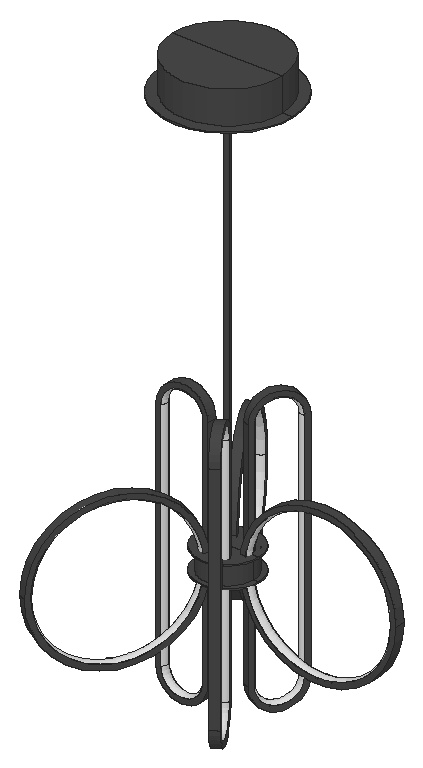
Revit family "3-25-xx - Lupe Pendant", category Lighting Fixtures, host Ceiling, Revit 2018
Family settings
  Host = Ceiling
  Round Connector Dimension = Use Diameter
  Part Type = Normal
  OmniClass Number = 23.80.70.11
  OmniClass Title = Luminaries for Internal Lighting
  Always vertical = Yes
  Cut with Voids When Loaded = No
  Light Source = Yes
  Shared = No
  Room Calculation Point = No
Parameters (values of type "3-25-15 / Black - Matte White Acrylic")
  Wattage Comments = "6 x 13W at 120"  # constant formula
  Wattage = 9.2903 W
  built-in parameter 1150110 = 1 (stored number, unit not read)
  Voltage Input = "120 V or 277 V - 50/60 Hz"  # constant formula
  Voltage = 120 V
  URL = "www.oxygenlighting.com"
  built-in parameter 1114217 = 1 (stored number, unit not read)
  built-in parameter 1150109 = 1 (stored number, unit not read)
  built-in parameter 1150134 = (empty or 0)
  built-in parameter 1150113 = 1 (stored number, unit not read)
  References = "Ref. 3 = 120 V / Ref. 37 = 277 V"  # constant formula
  Pendant Height [instance] = 1140 mm
  Model = "3-25-xx / Lupe Pendant"  # constant formula
  Metal Finish = 15 - Black
  Manufacturer = "Oxygen Lighting and Fans"  # constant formula
  Lumens = 1380 lm
  built-in parameter 1150115 = 1 (stored number, unit not read)
  built-in parameter 1150105 = 109.82 (stored number, unit not read)
  Light Source Symbol Size = 609.6 mm
  built-in parameter 1150137 = (empty or 0)
  built-in parameter 1150139 = (empty or 0)
  built-in parameter 1150112 = 1 (stored number, unit not read)
  built-in parameter 1150114 = 1 (stored number, unit not read)
  Lamp = "LED Array"  # constant formula
  built-in parameter 1150132 = 2
  built-in parameter 1150102 = (empty or 0)
  built-in parameter 1150138 = (empty or 0)
  built-in parameter 1150107 = 3000 (stored number, unit not read)
  built-in parameter 1150106 = 1.0982 (stored number, unit not read)
  built-in parameter 1150104 = 13.8 (stored number, unit not read)
  Dimming Lamp Color Temperature Shift = <None>
  Diffusers = Matte White Acrylic
  Color Filter = 16777215
  built-in parameter 1114218 = 1 (stored number, unit not read)
  built-in parameter 1150133 = 10 (stored number, unit not read)
Reference planes
  plane 1 "Light Source Axis (F/B)": y = 0
  plane 2: z = 0
  plane 3 "Light Source Axis (L/R)": x = 0
  plane 4 "Ceiling": z = 4000
  plane 5 "Light Source Elevation": z = 3010
  plane 6: z = 3910
  plane 7: z = 3157.385
  plane 8: z = 2860
Forms (mm)
  Revolve 1, solid, material "15 - Black" <- "Metal Finish"
    sketch origin (0, 0, 0) x (1, 0, 0) y (0, 0, 1)
      loop
        line (0, 3910) -> (0, 3157.385) -> (5, 3157.385) -> (5, 3910) -> (0, 3910)
      axis (0, 3157.385) -> (0, 3910)
    angle from 0 to 360
Dimensions and locks
  equal spacing: host sketch curve, plane 3 "Light Source Axis (L/R)", host sketch curve
  equal spacing: host sketch curve, plane 1 "Light Source Axis (F/B)", host sketch curve
  host sketch curve to host sketch curve = 4000 mm  (x2)
  plane 4 "Ceiling" to host ceiling = 0 mm
  locked: plane 6 to plane 4 "Ceiling" at 90
  locked: Revolve 1 sketch curve to nested 1 at 5
  "Pendant Height": plane 8 to plane 4 "Ceiling"
  locked: plane 8 to plane 7 at 297.385
  locked: plane 8 to plane 5 "Light Source Elevation" at 150
  aligned and locked: plane 3 "Light Source Axis (L/R)" to imposter light
  aligned and locked: plane 1 "Light Source Axis (F/B)" to imposter light
  aligned and locked: plane 5 "Light Source Elevation" to imposter light
  aligned and locked: plane 3 "Light Source Axis (L/R)" to nested 1
  aligned and locked: plane 1 "Light Source Axis (F/B)" to nested 1
  aligned and locked: nested 1 to plane 4 "Ceiling"
  aligned and locked: plane 3 "Light Source Axis (L/R)" to Revolve 1 sketch curve
  aligned and locked: Revolve 1 sketch curve to nested 1
  aligned and locked: plane 6 to Revolve 1 sketch curve
  aligned and locked: plane 3 "Light Source Axis (L/R)" to nested 2
  aligned and locked: plane 1 "Light Source Axis (F/B)" to nested 2
  aligned and locked: plane 7 to Revolve 1
  aligned and locked: nested 2 to plane 7
Automatic sketch dimensions
  Revolve 1 sketch curve to plane 7 = 0 mm
  Revolve 1 sketch curve to level = 358.228 mm
  Revolve 1 sketch curve to plane 4 "Ceiling" = 362.185 mm
Nested families
  nested 1: "Family2" at (0, 0, 4000), type "Family2"
  nested 2: "Family3" at (0, 0, 3135.385), type "Family3"
Connectors
  electrical at (0, 0, 4000), driven by "Voltage"
    settings: on nested 1, index 1, voltage 120 V, apparent load 0 VA, apparent load phase1 0 VA, apparent load phase2 0 VA, apparent load phase3 0 VA, power factor 1, load classification "Other", number of poles 1, system type 31, power factor state 1, is connector primary yes, connector utility no, sub classification motor no, connector description ""
Definition of nested family "Family2"
  Parameters (values of type "Family2")
    Metal Finish 1 = none
  Reference planes
    plane 1 "Center (Front/Back)": y = 0
    plane 2: z = 0
    plane 3 "Center (Left/Right)": x = 0
    plane 4: z = -90
  Forms (mm)
    Revolve 1, solid, material <- "Metal Finish 1"
      sketch origin (0, 0, -4000) x (1, 0, 0) y (0, 0, 1)
        loop
          line (0, 4000) -> (0, 3935) -> (125, 3935) -> (125, 3937) -> (105, 3937) -> (105, 4000) -> (0, 4000)
        axis (0, 3935) -> (0, 4000)
      angle from 0 to 360
    Revolve 2, solid, material <- "Metal Finish 1"
      sketch origin (0, 0, 0) x (1, 0, 0) y (0, 0, 1)
        loop
          line (0, -65) -> (-5, -65) -> (-5, -85)
          arc (-5, -85) -> (-3.536, -88.536) -> (0, -90) r 5
          line (0, -90) -> (0, -65)
        axis (0, -65) -> (0, -90)
      angle from 0 to 360
  Dimensions and locks
    locked: Revolve 1 sketch curve to Revolve 1 sketch curve at 125
    locked: Revolve 1 sketch curve to Revolve 1 sketch curve at 105
    locked: Revolve 1 sketch curve to Revolve 1 sketch curve at 2
    plane 2 to plane 4 = 90 mm
    aligned and locked: level to plane 2
    aligned and locked: Revolve 1 sketch curve to Revolve 1 sketch curve
Definition of nested family "Family3"
  Parameters (values of type "Family3")
    Metal Finish = none
    Diffuser = none
  Reference planes
    plane 1 "Center (Front/Back)": y = 0
    plane 2: z = 0
    plane 3 "Center (Left/Right)": x = 0
  Forms (mm)
    Revolve 1, solid, material <- "Metal Finish"
      sketch origin (0, 0, 0) x (1, 0, 0) y (0, 0, 1)
        loop
          line (-60, -22) -> (0, -22) -> (0, 22) -> (-60, 22) -> (-60, 20) -> (-50, 20) -> (-50, -20) -> (-60, -20) -> (-60, -22)
        axis (0, 22) -> (0, -22)
      angle from 0 to 360
    Extrusion 2, solid, material <- "Metal Finish"
      sketch origin (-271.746, 0, 0) x (1, 0, 0) y (0, 0, 1)
        loop
          circle (451.863, 0) r 150
        loop
          circle (451.863, 0) r 140
      from -9 to 9
    Extrusion 3, solid, material <- "Metal Finish"
      sketch origin (488.194, 0, 0) x (-1, 0, 0) y (0, 0, 1)
        loop
          arc (518.24, -225) -> (568.24, -275) -> (618.24, -225) r 50
          line (618.24, -225) -> (618.24, 225)
          arc (618.24, 225) -> (568.24, 275) -> (518.24, 225) r 50
          line (518.24, 225) -> (518.24, -225)
        loop
          arc (528.24, -225) -> (568.24, -265) -> (608.24, -225) r 40
          line (608.24, -225) -> (608.24, 225)
          arc (608.24, 225) -> (568.24, 265) -> (528.24, 225) r 40
          line (528.24, 225) -> (528.24, -225)
      from -9 to 9
    Sweep 4, solid, material <- "Diffuser"
      path in 3D
        loop
          arc (-40.046, 9, 225) -> (-80.046, 9, 265) -> (-120.046, 9, 225) r 40
          line (-120.046, 9, 225) -> (-120.046, 9, -225)
          arc (-120.046, 9, -225) -> (-80.046, 9, -265) -> (-40.046, 9, -225) r 40
          line (-40.046, 9, -225) -> (-40.046, 9, 225)
      profile origin (-40.046, 9, 0) x (0, 1, 0) y (-1, 0, 0)
        loop
          arc (0, 0) -> (-9, 4.225) -> (-18, 0) r 11.699
          line (-18, 0) -> (0, 0)
    Sweep 5, solid, material <- "Diffuser"
      path in 3D
        loop
          arc (320.117, -9, 0) -> (180.117, -9, 140) -> (40.117, -9, 0) r 140
          arc (40.117, -9, 0) -> (180.117, -9, -140) -> (320.117, -9, 0) r 140
      profile origin (180.117, -9, -140) x (0, 0, 1) y (0, -1, 0)
        loop
          line (0, 0) -> (0, -18)
          arc (0, -18) -> (3.281, -9) -> (0, 0) r 13.985
    Extrusion 6, solid, material <- "Metal Finish"
      sketch origin (135.873, -235.339, 0) x (-0.5, 0.866025, 0) y (0, 0, 1)
        loop
          circle (451.863, 0) r 150
        loop
          circle (451.863, 0) r 140
      from -9 to 9
    Sweep 7, solid, material <- "Diffuser"
      path in 3D
        loop
          arc (-152.264, 281.729, 0) -> (-82.264, 160.486, 140) -> (-12.264, 39.242, 0) r 140
          arc (-12.264, 39.242, 0) -> (-82.264, 160.486, -140) -> (-152.264, 281.729, 0) r 140
      profile origin (-82.264, 160.486, -140) x (0, 0, 1) y (0.866025, 0.5, 0)
        loop
          line (0, 0) -> (0, -18)
          arc (0, -18) -> (3.281, -9) -> (0, 0) r 13.985
    Extrusion 8, solid, material <- "Metal Finish"
      sketch origin (135.873, 235.339, 0) x (-0.5, -0.866025, 0) y (0, 0, 1)
        loop
          circle (451.863, 0) r 150
        loop
          circle (451.863, 0) r 140
      from -9 to 9
    Sweep 9, solid, material <- "Diffuser"
      path in 3D
        loop
          arc (-167.853, -272.729, 0) -> (-97.853, -151.486, 140) -> (-27.853, -30.242, 0) r 140
          arc (-27.853, -30.242, 0) -> (-97.853, -151.486, -140) -> (-167.853, -272.729, 0) r 140
      profile origin (-97.853, -151.486, -140) x (0, 0, 1) y (-0.866025, 0.5, 0)
        loop
          line (0, 0) -> (0, -18)
          arc (0, -18) -> (3.281, -9) -> (0, 0) r 13.985
    Extrusion 10, solid, material <- "Metal Finish"
      sketch origin (-244.097, -422.788, 0) x (0.5, 0.866025, 0) y (0, 0, 1)
        loop
          arc (518.24, -225) -> (568.24, -275) -> (618.24, -225) r 50
          line (618.24, -225) -> (618.24, 225)
          arc (618.24, 225) -> (568.24, 275) -> (518.24, 225) r 50
          line (518.24, 225) -> (518.24, -225)
        loop
          arc (528.24, -225) -> (568.24, -265) -> (608.24, -225) r 40
          line (608.24, -225) -> (608.24, 225)
          arc (608.24, 225) -> (568.24, 265) -> (528.24, 225) r 40
          line (528.24, 225) -> (528.24, -225)
      from -9 to 9
    Extrusion 11, solid, material <- "Metal Finish"
      sketch origin (-244.097, 422.788, 0) x (0.5, -0.866025, 0) y (0, 0, 1)
        loop
          arc (518.24, -225) -> (568.24, -275) -> (618.24, -225) r 50
          line (618.24, -225) -> (618.24, 225)
          arc (618.24, 225) -> (568.24, 275) -> (518.24, 225) r 50
          line (518.24, 225) -> (518.24, -225)
        loop
          arc (528.24, -225) -> (568.24, -265) -> (608.24, -225) r 40
          line (608.24, -225) -> (608.24, 225)
          arc (608.24, 225) -> (568.24, 265) -> (528.24, 225) r 40
          line (528.24, 225) -> (528.24, -225)
      from -9 to 9
    Sweep 12, solid, material <- "Diffuser"
      path in 3D
        loop
          arc (27.817, 30.181, 225) -> (47.817, 64.822, 265) -> (67.817, 99.463, 225) r 40
          line (67.817, 99.463, 225) -> (67.817, 99.463, -225)
          arc (67.817, 99.463, -225) -> (47.817, 64.822, -265) -> (27.817, 30.181, -225) r 40
          line (27.817, 30.181, -225) -> (27.817, 30.181, 225)
      profile origin (27.817, 30.181, 0) x (0, 1, 0) y (-1, 0, 0)
        loop
          arc (0, 0) -> (8.159, 5.682) -> (9, 15.588) r 11.699
          line (9, 15.588) -> (0, 0)
    Sweep 13, solid, material <- "Diffuser"
      path in 3D
        loop
          arc (12.229, -39.181, 225) -> (32.229, -73.822, 265) -> (52.229, -108.463, 225) r 40
          line (52.229, -108.463, 225) -> (52.229, -108.463, -225)
          arc (52.229, -108.463, -225) -> (32.229, -73.822, -265) -> (12.229, -39.181, -225) r 40
          line (12.229, -39.181, -225) -> (12.229, -39.181, 225)
      profile origin (12.229, -39.181, 0) x (0, 1, 0) y (-1, 0, 0)
        loop
          arc (0, 0) -> (0.841, -9.907) -> (9, -15.588) r 11.699
          line (9, -15.588) -> (0, 0)
  Lines and regions (mm)
    sketch lines
      curve 1: line (-40.046, 9, -225) -> (-40.046, 9, 225)
      curve 2: arc (-40.046, 9, -225) -> (-80.046, 9, -265) -> (-120.046, 9, -225) r 40
      curve 3: line (-120.046, 9, 225) -> (-120.046, 9, -225)
      curve 4: arc (-120.046, 9, 225) -> (-80.046, 9, 265) -> (-40.046, 9, 225) r 40
      curve 5: arc (40.117, -9, 0) -> (180.117, -9, -140) -> (320.117, -9, 0) r 140
      curve 6: arc (320.117, -9, 0) -> (180.117, -9, 140) -> (40.117, -9, 0) r 140
      curve 7: arc (-12.264, 39.242, 0) -> (-82.264, 160.486, -140) -> (-152.264, 281.729, 0) r 140
      curve 8: arc (-152.264, 281.729, 0) -> (-82.264, 160.486, 140) -> (-12.264, 39.242, 0) r 140
      curve 9: arc (-27.853, -30.242, 0) -> (-97.853, -151.486, -140) -> (-167.853, -272.729, 0) r 140
      curve 10: arc (-167.853, -272.729, 0) -> (-97.853, -151.486, 140) -> (-27.853, -30.242, 0) r 140
      curve 11: line (27.817, 30.181, -225) -> (27.817, 30.181, 225)
      curve 12: arc (27.817, 30.181, -225) -> (47.817, 64.822, -265) -> (67.817, 99.463, -225) r 40
      curve 13: line (67.817, 99.463, 225) -> (67.817, 99.463, -225)
      curve 14: arc (67.817, 99.463, 225) -> (47.817, 64.822, 265) -> (27.817, 30.181, 225) r 40
      curve 15: line (12.229, -39.181, -225) -> (12.229, -39.181, 225)
      curve 16: arc (12.229, -39.181, -225) -> (32.229, -73.822, -265) -> (52.229, -108.463, -225) r 40
      curve 17: line (52.229, -108.463, 225) -> (52.229, -108.463, -225)
      curve 18: arc (52.229, -108.463, 225) -> (32.229, -73.822, 265) -> (12.229, -39.181, 225) r 40
  Dimensions and locks
    Revolve 1 sketch curve to Revolve 1 sketch curve = 60 mm
    aligned and locked: level to plane 2
